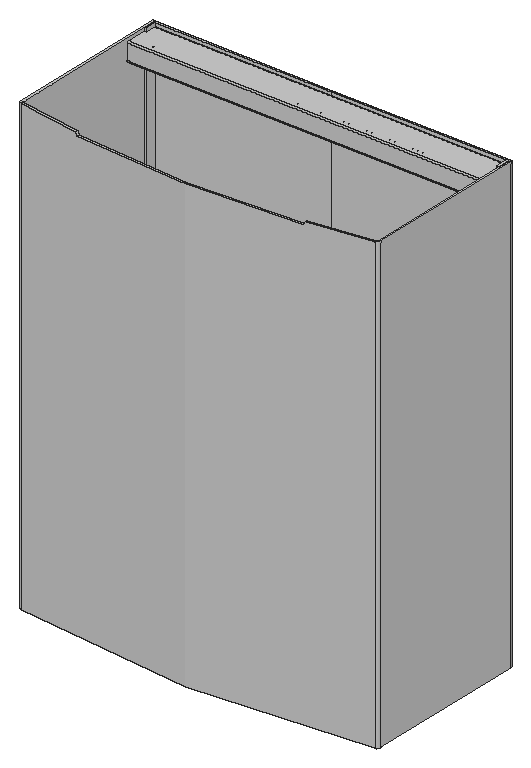
Revit family "RST-Line Rubbish Bin_", category Casework, Revit 2012
Parameters (values of type "1307")
  URL = "www.korpinen.com"
  Type = Rubbish bin : 1307
  Model = "1307 Rubbish Bin"
  Manufacturer = "Korpinen Oy"
  Depth = 0 mm
  Height = 650 mm
  Width = 0 mm
Types (3, lengths in mm): name | Type | Model
  (no name) | Rubbish bin : 1307 | "1307 Rubbish Bin"
  1306 | Rubbish bin : 1306 | "1306 Rubbish Bin"
  1307 | Rubbish bin : 1307 | "1307 Rubbish Bin"
Reference planes
  plane 1 "Back": y = 0
  plane 2: z = 0
  plane 3 "Center (Left/Right)": x = 44.7
Dimensions and locks
  "Height": nested 1 to level
  aligned and locked: level to plane 2
Nested families
  nested 1: "Rubbish bin" at (44.7, 0, 235.014), type <- "Type", type "1307"
Definition of nested family "Rubbish bin"
  Parameters (values of type "1306")
    Material = Stainless Steel Brushed
    Lid = yes
  Types (3, lengths in mm): name | Lid
    (no name) | yes
    1306 | yes
    1307 | no
  Reference planes
    plane 1 "Center (Front/Back)": y = 0
    plane 2: z = 0
    plane 3 "Center (Left/Right)": x = 0
  Forms (mm)
    Extrusion 1, solid, material "Stainless Steel Brushed" <- "Material"
      sketch origin (0, 0, -248) x (1, 0, 0) y (0, 1, 0)
        loop
          line (0, 0) -> (-162.5, 0) -> (-162.5, -12) -> (-160.5, -12) -> (-160.5, -2) -> (0, -2) -> (160.5, -2) -> (160.5, -12) -> (162.5, -12) -> (162.5, 0) -> (0, 0)
      from 250 to 662.986
    Extrusion 2, solid, material "Stainless Steel Brushed" <- "Material"
      sketch origin (0, 0, -248) x (1, 0, 0) y (0, 1, 0)
        loop
          line (-162.5, 0) -> (-162.5, -150.28)
          arc (-162.5, -150.28) -> (-162.16, -151.216) -> (-161.298, -151.715) r 1.459
          arc (-161.298, -151.715) -> (-0.038, -166) -> (161.223, -151.729) r 917.81
          arc (161.223, -151.729) -> (162.139, -151.198) -> (162.5, -150.204) r 1.549
          line (162.5, -150.204) -> (162.5, 0) -> (-162.5, 0)
      from 248 to 250
    Extrusion 3, solid, material "Stainless Steel Brushed" <- "Material"
      sketch origin (0, 0, -248) x (1, 0, 0) y (0, 1, 0)
        loop
          arc (-162.5, -1.012) -> (-163.515, 0.004) -> (-164.531, -1.012) r 1.015
          line (-164.531, -1.012) -> (-164.531, -150.282)
          arc (-164.531, -150.282) -> (-163.516, -152.733) -> (-161.064, -153.749) r 3.466
          arc (-161.064, -153.749) -> (0.394, -168.066) -> (161.842, -153.638) r 914.019
          arc (161.842, -153.638) -> (163.847, -152.255) -> (164.5, -149.908) r 3.574
          line (164.5, -149.908) -> (164.5, -1.001)
          arc (164.5, -1.001) -> (163.5, -0.001) -> (162.5, -1.001) r 1
          line (162.5, -1.001) -> (162.5, -150)
          arc (162.5, -150) -> (162.208, -151.108) -> (161.243, -151.725) r 1.574
          arc (161.243, -151.725) -> (0.117, -166.091) -> (-161.013, -151.766) r 912.039
          arc (-161.013, -151.766) -> (-162.065, -151.331) -> (-162.5, -150.28) r 1.487
          line (-162.5, -150.28) -> (-162.5, -1.012)
      from 248 to 662.986
    Extrusion 4, void
      sketch origin (0, 0, -248) x (1, 0, 0) y (0, 0, 1)
        loop
          line (-105.031, 662.986) -> (-104.029, 660.486) -> (104.029, 660.486) -> (105.031, 662.986) -> (-105.031, 662.986)
      from 155.134 to 177.893
    Extrusion 5, solid, material "Stainless Steel Brushed" <- "Material", visible <- "Lid"
      sketch origin (0, 0, -248) x (1, 0, 0) y (0, 1, 0)
        loop
          line (-162.5, 0) -> (-162.5, -150.28)
          arc (-162.5, -150.28) -> (-162.16, -151.216) -> (-161.298, -151.715) r 1.459
          arc (-161.298, -151.715) -> (-133.23, -156.292) -> (-105.038, -160.022) r 945.515
          line (-105.038, -160.022) -> (-104.02, -162.136)
          arc (-104.02, -162.136) -> (0.005, -176.513) -> (104.029, -162.136) r 383.536
          line (104.029, -162.136) -> (105.025, -160.012)
          arc (105.025, -160.012) -> (133.145, -156.136) -> (161.188, -151.735) r 1515.577
          arc (161.188, -151.735) -> (162.177, -151.142) -> (162.498, -150.036) r 1.575
          line (162.498, -150.036) -> (162.498, 0) -> (-162.5, 0)
      from 660.486 to 662.486
    Extrusion 6, solid, material "Stainless Steel Brushed" <- "Material"
      sketch origin (0, 0, -248) x (0, 1, 0) y (0, 0, 1)
        loop
          line (-2, 644.456) -> (-2, 659.505)
          arc (-2, 659.505) -> (-2.287, 660.199) -> (-2.981, 660.486) r 0.981
          line (-2.981, 660.486) -> (-30.958, 660.486)
          arc (-30.958, 660.486) -> (-31.695, 660.181) -> (-32, 659.445) r 1.042
          line (-32, 659.445) -> (-32, 644.431)
          arc (-32, 644.431) -> (-31, 643.431) -> (-30, 644.431) r 1
          line (-30, 644.431) -> (-30, 658.67) -> (-4, 658.67) -> (-4, 644.456)
          arc (-4, 644.456) -> (-3, 643.456) -> (-2, 644.456) r 1
      from -162.5 to 162.5
  Cuts and joins
    Extrusion 4 cuts Extrusion 1
    Extrusion 4 cuts Extrusion 3
  Dimensions and locks
    Extrusion 1 to Extrusion 1 = 412.986 mm
    Extrusion 6 sketch curve to Extrusion 6 sketch curve = 2 mm
    aligned and locked: level to plane 2
    aligned and locked: Extrusion 2 to Extrusion 1
    aligned and locked: Extrusion 3 to Extrusion 2
    aligned and locked: Extrusion 5 to cut or joined group of Extrusion 3, Extrusion 4
    aligned and locked: Extrusion 2 to Extrusion 6  (x2)
    aligned and locked: Extrusion 6 to Extrusion 5
